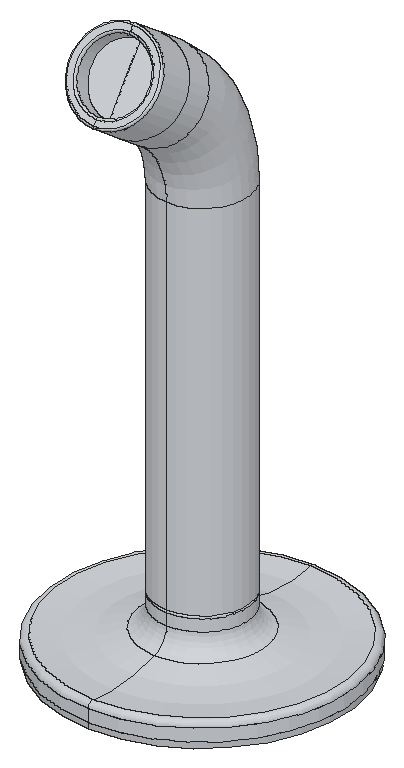
Revit family "Faucet-Wall_Mount-Bath_Spout-KOHLER-Purist-K-14426IN", category Plumbing Fixtures, host Face, Revit 2017
Family settings
  Host = Face
  Round Connector Dimension = Use Diameter
  Part Type = Normal
  OmniClass Number = 23.31.11.00
  OmniClass Title = Faucets
  Cut with Voids When Loaded = No
  Shared = No
  Room Calculation Point = No
Parameters (values of type "CP-Polished Chrome")
  Width = 4"  # constant formula
  WaterSense Certified = 1 = 0  # no
  Waste Water Outlet = "Waste Water Outlet"  # constant formula
  Waste Connection = 1 = 0  # no
  Vent Connection = 1 = 0  # no
  URL = "https://www.kohler.co.in/"
  Type = 1
  Spout Reach = 8"  # constant formula
  Product Page URL = "https://www.kohler.co.in/product-detail/14426in?skuid=K-14426IN-CP"
  Product Name = "Purist"  # constant formula
  Product Documentation Link = ""
  Pressure = 0.00 psi
  Model = "K-14426IN-CP"  # constant formula
  Material = "Solid Brass Construction"  # constant formula
  Master Format 2014 Name = "Residential Faucets, Supplies, and Trim"  # constant formula
  Master Format 2014 = "22 41 39"  # constant formula
  Manufacturer Address = "Ambience Office Tower NH-8 Gurgaon / Gurugram Haryana , 122001"  # constant formula
  Manufacturer = "KOHLER Co."  # constant formula
  Length = Spout Reach  # 8"
  Hot Water Inlet = "Tempered Water Inlet"  # constant formula
  Height = 4"  # constant formula
  HW Connection = 1 = 1  # yes
  Flow Rate = 0 GPM
  Finish = Kohler-Metal-CP-Polished_Chrome
  Environmental Product Declaration = ""
  Drain Included = 1 = 0  # no
  Description = "Bath spout without diverter"  # constant formula
  Default Elevation = 36"
  Declare Label = ""
  Date Modified = "05/11/2021"  # constant formula
  Date Created = "05/11/2021"  # constant formula
  Copyright = "Copyright KOHLER Co."  # constant formula
  Contact Us = "https://www.kohler.co.in/contact-us"
  Cold Water Inlet = "Cold Water Inlet"  # constant formula
  CW Connection = 1 = 0  # no
  Assembly Code = "D2010"
  ADA Compliant = 1 = 0  # no
Reference planes (in)
  plane 1 "Center (Front/Back)": y = 0
  plane 2: z = 0
  plane 3 "Center (Left/Right)": x = 0
  plane 4: x = 1.99996
  plane 5: x = -2.00004
  plane 6: y = 1.99996
  plane 7: y = -2.00004
  plane 8: y = 0.625
  plane 9: y = -0.73702
  plane 10: x = -0.625
  plane 11: x = 0.625
  plane 12: z = 8.5
  plane 13: z = 8.20512
  plane 14: z = 0.89921
  plane 15: z = 0.33935
  plane 16: y = -0.625
  plane 17: z = 8
Dimensions and locks (in)
  "Height": plane 7 to plane 6
  "Width": plane 5 to plane 4
  "Spout Reach": plane 17 to level
  aligned and locked: plane 2 to host face
  aligned and locked: level to host face
Automatic sketch dimensions
  host sketch curve to host sketch curve = 96"  (x2)
Nested families (in)
  nested 1: "K-14426IN" at (0, 0, 0), type "K-14426IN"
Connectors (in)
  piping at (0, 0, 0), diameter 0.5, driven by "Flow Rate", driven by "HW Connection", driven by "Hot Water Inlet"
    settings: on nested 1, index 1, connector inside diameter 24", connector length 0", flow factor 0, pipe flow 0 GPM, pressure drop 0.00 psi, fitting loss kfactor 0, connector angle 0.00°, fixture units 0, engagement length 0", angle of deflection 0.00°, flow configuration 0, flow direction 1, fitting loss method 0, system type 19, joint type 0, gender type 0, connector reference index -1, connector utility 1, adjustable connector no, is connector primary yes, connector description "Tempered Water Inlet"
Definition of nested family "K-14426IN"
  Parameters (values of type "K-14426BR")
    Material = none
  Reference planes (in)
    plane 1 "Center (Front/Back)": y = 0
    plane 2: z = 0
    plane 3 "Center (Left/Right)": x = 0
  Forms (in)
    Revolve 1, solid, material <- "Material", detail levels medium+fine
      sketch origin (0, 0, 0) x (0, 1, 0) y (0, 0, 1)
        loop
          line (1.98413, 0) -> (1.99996, 0.08977) -> (1.99996, 0.26098)
          arc (1.99996, 0.26098) -> (1.97146, 0.32144) -> (1.90668, 0.33792) r 0.07837
          arc (1.90668, 0.33792) -> (1.36258, 0.30516) -> (0.82863, 0.41474) r 2.08198
          arc (0.82863, 0.41474) -> (0.68111, 0.52527) -> (0.625, 0.70086) r 0.30282
          line (0.625, 0.70086) -> (0.625, 0.86659)
          arc (0.625, 0.86659) -> (0.61545, 0.88965) -> (0.59238, 0.89921) r 0.03262
          line (0.59238, 0.89921) -> (0, 0.89921) -> (0, 0) -> (1.98413, 0)
        axis (0, 0.89921) -> (0, 0)
      angle from 0 to 360
    Sweep 2, solid, material <- "Material", detail levels medium+fine
      path origin (0, 0, 0) x (0, 1, 0) y (0, 0, 1)
        loop
          line (0, 0.89921) -> (0, 6.02921)
          arc (0, 6.02921) -> (-0.19773, 6.83727) -> (-0.74624, 7.46272) r 1.75
          line (-0.74624, 7.46272) -> (-1.09029, 7.70363)
      profile origin (0, 0, 0.89921) x (0, -1, 0) y (1, 0, 0)
        loop
          circle (0, 0) r 0.625
    Revolve 3, solid, material <- "Material", detail levels medium+fine
      sketch origin (0, 0, 0) x (0, 1, 0) y (0, 0, 1)
        loop
          line (-1.21355, 8.52135) -> (-1.26281, 8.451)
          arc (-1.26281, 8.451) -> (-1.26748, 8.42993) -> (-1.25588, 8.41173) r 0.0282
          line (-1.25588, 8.41173) -> (-1.0742, 8.28451) -> (-1.35241, 7.88717) -> (-1.09029, 7.70363) -> (-0.7318, 8.2156) -> (-1.17753, 8.5277)
          arc (-1.17753, 8.5277) -> (-1.19686, 8.53199) -> (-1.21355, 8.52135) r 0.02586
        axis (-1.5572, 8.03056) -> (-1.09029, 7.70363)
      angle from 0 to 360
    Extrusion 4, solid, material <- "Material", detail levels medium+fine
      sketch origin (0, 0, 0) x (1, 0, 0) y (0, 1, 0)
        loop
          circle (0, 0) r 0.25
      from 0 to 0.08977
    Extrusion 5, solid, material <- "Material", detail levels coarse
      sketch origin (0, 0, 0) x (1, 0, 0) y (0, 1, 0)
        loop
          circle (0, 0) r 1.99996
      from 0 to 0.3441
    Sweep 6, solid, material <- "Material", detail levels coarse
      path origin (0, 0, 0) x (0, 1, 0) y (0, 0, 1)
        loop
          line (0, 0.3441) -> (0, 6.02921)
          arc (0, 6.02921) -> (-0.19773, 6.83727) -> (-0.74624, 7.46272) r 1.75
          line (-0.74624, 7.46272) -> (-1.55849, 8.03146)
      profile origin (0, 0, 0.3441) x (0, -1, 0) y (1, 0, 0)
        loop
          circle (0, 0) r 0.625
  Cuts and joins
    joined: Revolve 1, Sweep 2
    joined: Extrusion 5, Sweep 6
  Lines and regions (in)
    Masking region 1
      outline origin (0, 0, 0) x (0, 1, 0) y (0, 0, 1)
        loop
          line (1.98413, 0) -> (1.99996, 0.08977) -> (1.99996, 0.26163)
          arc (1.99996, 0.26163) -> (1.97719, 0.31659) -> (1.92224, 0.33935) r 0.07772
          line (1.92224, 0.33935) -> (1.10825, 0.33935)
          arc (1.10825, 0.33935) -> (0.96091, 0.37315) -> (0.81738, 0.42055) r 1.61829
          arc (0.81738, 0.42055) -> (0.67774, 0.53048) -> (0.625, 0.7002) r 0.29945
          line (0.625, 0.7002) -> (0.625, 0.86821)
          arc (0.625, 0.86821) -> (0.61534, 0.89071) -> (0.59238, 0.89921) r 0.03104
          line (0.59238, 0.89921) -> (0.625, 0.89921) -> (0.625, 6.03257)
          arc (0.625, 6.03257) -> (0.35738, 7.12624) -> (-0.385, 7.97277) r 2.36855
          line (-0.385, 7.97277) -> (-1.17682, 8.5272) -> (-1.21405, 8.52064) -> (-1.90035, 7.54049) -> (-1.89379, 7.50326) -> (-1.1036, 6.94997)
          arc (-1.1036, 6.94997) -> (-0.75182, 6.54883) -> (-0.625, 6.03058) r 1.12237
          line (-0.625, 6.03058) -> (-0.625, 0.89921) -> (-0.59238, 0.89921)
          arc (-0.59238, 0.89921) -> (-0.61534, 0.89071) -> (-0.625, 0.86821) r 0.03104
          line (-0.625, 0.86821) -> (-0.625, 0.7002)
          arc (-0.625, 0.7002) -> (-0.67774, 0.53048) -> (-0.81738, 0.42055) r 0.29945
          arc (-0.81738, 0.42055) -> (-0.96091, 0.37315) -> (-1.10825, 0.33935) r 1.61829
          line (-1.10825, 0.33935) -> (-1.92224, 0.33935)
          arc (-1.92224, 0.33935) -> (-1.97719, 0.31659) -> (-1.99996, 0.26163) r 0.07772
          line (-1.99996, 0.26163) -> (-1.99996, 0.08977) -> (-1.98413, 0) -> (1.98413, 0)
    Masking region 2
      outline origin (0, 0, 0) x (1, 0, 0) y (0, 0, 1)
        loop
          line (1.98413, 0) -> (1.99996, 0.08977) -> (1.99996, 0.26163)
          arc (1.99996, 0.26163) -> (1.97719, 0.31659) -> (1.92224, 0.33935) r 0.07772
          line (1.92224, 0.33935) -> (1.10825, 0.33935)
          arc (1.10825, 0.33935) -> (0.96091, 0.37315) -> (0.81738, 0.42055) r 1.61829
          arc (0.81738, 0.42055) -> (0.67774, 0.53048) -> (0.625, 0.7002) r 0.29945
          line (0.625, 0.7002) -> (0.625, 0.86821)
          arc (0.625, 0.86821) -> (0.61534, 0.89071) -> (0.59238, 0.89921) r 0.03104
          line (0.59238, 0.89921) -> (0.625, 0.89921) -> (0.625, 8.014)
          spline (0.625, 8.014) -> (0.6037, 8.14651) -> (0.54127, 8.26999) -> (0.44194, 8.37602) -> (0.3125, 8.45738) -> (0.16176, 8.50853) -> (0, 8.52597) -> (-0.16176, 8.50853) -> (-0.3125, 8.45738) -> (-0.44194, 8.37602) -> (-0.54127, 8.26999) -> (-0.6037, 8.14651) -> (-0.625, 8.014)
          line (-0.625, 8.014) -> (-0.625, 0.89921) -> (-0.59238, 0.89921)
          arc (-0.59238, 0.89921) -> (-0.61534, 0.89071) -> (-0.625, 0.86821) r 0.03104
          line (-0.625, 0.86821) -> (-0.625, 0.7002)
          arc (-0.625, 0.7002) -> (-0.67774, 0.53048) -> (-0.81738, 0.42055) r 0.29945
          arc (-0.81738, 0.42055) -> (-0.96091, 0.37315) -> (-1.10825, 0.33935) r 1.61829
          line (-1.10825, 0.33935) -> (-1.92224, 0.33935)
          arc (-1.92224, 0.33935) -> (-1.97719, 0.31659) -> (-1.99996, 0.26163) r 0.07772
          line (-1.99996, 0.26163) -> (-1.99996, 0.08977) -> (-1.98413, 0) -> (1.98413, 0)
    Masking region 3
      outline origin (0, 0, 0) x (1, 0, 0) y (0, 1, 0)
        loop
          circle (0, 0) r 1.99996
    symbolic lines, detail levels medium+fine
      curve 1: line (0, 1.10825, 0.33935) -> (0, -1.10825, 0.33935)
      curve 2: line (0, 0.59238, 0.89921) -> (0, -0.59238, 0.89921)
      curve 3: line (0, -0.7318, 8.2156) -> (0, -1.44877, 7.19166)
      curve 4: line (0, 1.99996, 0.08977) -> (0, -1.99996, 0.08977)
      curve 5: line (1.99996, 0, 0.08977) -> (-1.99996, 0, 0.08977)
      curve 6: line (1.10825, 0, 0.33935) -> (-1.10825, 0, 0.33935)
      curve 7: line (0.59238, 0, 0.89921) -> (-0.59238, 0, 0.89921)
      curve 8: spline (0.625, 0, 7.70363) -> (0.6037, 0, 7.83613) -> (0.54127, 0, 7.95961) -> (0.44194, 0, 8.06564) -> (0.3125, 0, 8.147) -> (0.16176, 0, 8.19815) -> (0, 0, 8.2156) -> (-0.16176, 0, 8.19815) -> (-0.3125, 0, 8.147) -> (-0.44194, 0, 8.06564) -> (-0.54127, 0, 7.95961) -> (-0.6037, 0, 7.83613) -> (-0.625, 0, 7.70363)
      curve 9: spline (0.48506, -1.5572, 0) -> (0.46853, -1.62921, 0) -> (0.42007, -1.69631, 0) -> (0.34299, -1.75393, 0) -> (0.24253, -1.79815, 0) -> (0.12554, -1.82594, 0) -> (0, -1.83542, 0) -> (-0.12554, -1.82594, 0) -> (-0.24253, -1.79815, 0) -> (-0.34299, -1.75393, 0) -> (-0.42007, -1.69631, 0) -> (-0.46853, -1.62921, 0) -> (-0.48506, -1.5572, 0) -> (-0.46853, -1.48519, 0) -> (-0.42007, -1.41809, 0) -> (-0.34299, -1.36047, 0) -> (-0.24253, -1.31626, 0) -> (-0.12554, -1.28846, 0) -> (0, -1.27898, 0) -> (0.12554, -1.28846, 0) -> (0.24253, -1.31626, 0) -> (0.34299, -1.36047, 0) -> (0.42007, -1.41809, 0) -> (0.46853, -1.48519, 0) -> (0.48506, -1.5572, 0)
      curve 10: spline (0.48455, -1.5445, 0) -> (0.46342, -1.61399, 0) -> (0.4125, -1.67818, 0) -> (0.33507, -1.73298, 0) -> (0.23611, -1.77484, 0) -> (0.12197, -1.80109, 0) -> (0, -1.81003, 0) -> (-0.12197, -1.80109, 0) -> (-0.23611, -1.77484, 0) -> (-0.33507, -1.73298, 0) -> (-0.4125, -1.67818, 0) -> (-0.46342, -1.61399, 0) -> (-0.48455, -1.5445, 0)
      curve 11: spline (0.59827, -1.5572, 0) -> (0.57788, -1.64602, 0) -> (0.51812, -1.72878, 0) -> (0.42304, -1.79985, 0) -> (0.29913, -1.85438, 0) -> (0.15484, -1.88866, 0) -> (0, -1.90035, 0) -> (-0.15484, -1.88866, 0) -> (-0.29913, -1.85438, 0) -> (-0.42304, -1.79985, 0) -> (-0.51812, -1.72878, 0) -> (-0.57788, -1.64602, 0) -> (-0.59827, -1.5572, 0) -> (-0.57788, -1.46839, 0) -> (-0.51812, -1.38563, 0) -> (-0.42304, -1.31456, 0) -> (-0.29913, -1.26002, 0) -> (-0.15484, -1.22574, 0) -> (0, -1.21405, 0) -> (0.15484, -1.22574, 0) -> (0.29913, -1.26002, 0) -> (0.42304, -1.31456, 0) -> (0.51812, -1.38563, 0) -> (0.57788, -1.46839, 0) -> (0.59827, -1.5572, 0)
      curve 12: spline (-0.43474, -1.79294, 0) -> (-0.57115, -1.67776, 0) -> (-0.61999, -1.54137, 0) -> (-0.57379, -1.40468, 0) -> (-0.43962, -1.28864, 0) -> (-0.23806, -1.21104, 0) -> (0, -1.18378, 0) -> (0.23806, -1.21104, 0) -> (0.43962, -1.28864, 0) -> (0.57379, -1.40468, 0) -> (0.61999, -1.54137, 0) -> (0.57115, -1.67776, 0) -> (0.43474, -1.79294, 0)
      curve 13: spline (0.62, -1.13554, 0) -> (0.61738, -1.03447, 0) -> (0.56568, -0.93785, 0) -> (0.46901, -0.85334, 0) -> (0.33505, -0.78766, 0) -> (0.17446, -0.74605, 0) -> (0, -0.7318, 0) -> (-0.17446, -0.74605, 0) -> (-0.33505, -0.78766, 0) -> (-0.46901, -0.85334, 0) -> (-0.56568, -0.93785, 0) -> (-0.61738, -1.03447, 0) -> (-0.62, -1.13554, 0)
      curve 14: spline (-0.62, -1.09029, 0) -> (-0.59887, -0.99824, 0) -> (-0.53694, -0.91248, 0) -> (-0.43841, -0.83883, 0) -> (-0.31, -0.78231, 0) -> (-0.16047, -0.74679, 0) -> (0, -0.73467, 0) -> (0.16047, -0.74679, 0) -> (0.31, -0.78231, 0) -> (0.43841, -0.83883, 0) -> (0.53694, -0.91248, 0) -> (0.59887, -0.99824, 0) -> (0.62, -1.09029, 0)
      curve 15: arc (-0.625, 0, 0) -> (0, 0.625, 0) -> (0.625, 0, 0) r 0.625
      curve 16: line (-0.62, -1.5394, 0) -> (-0.62, -1.09029, 0)
      curve 17: line (0.62, -1.5394, 0) -> (0.62, -1.09029, 0)
      curve 18: line (-0.625, 0, 0) -> (-0.625, -1.09029, 0)
      curve 19: line (0.625, 0, 0) -> (0.625, -1.09029, 0)
  Dimensions and locks (in)
    aligned and locked: plane 2 to level
